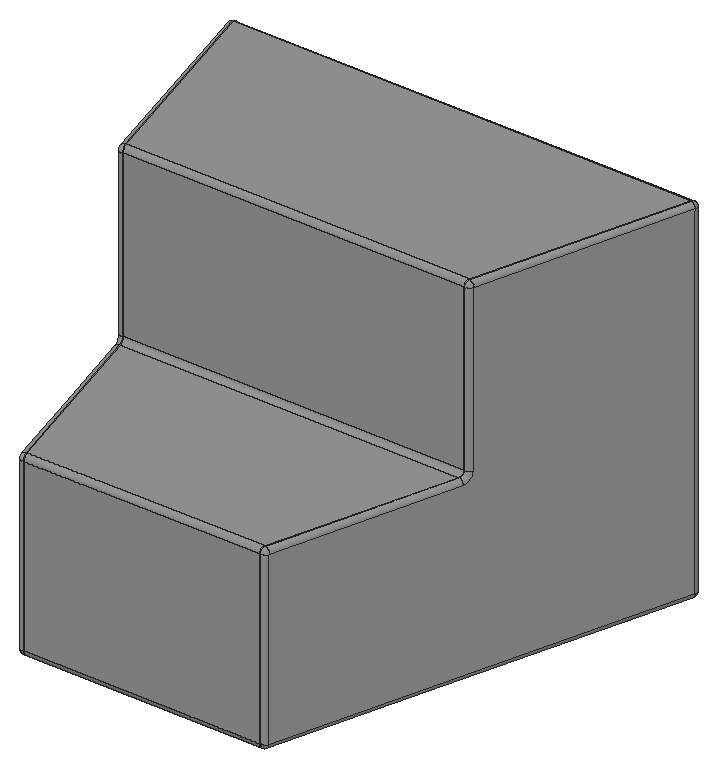
Revit family "TS1005 Elevate Tier Two Step Inside Wedge", category Generic Models, Revit 2018
Family settings
  Can host rebar = No
  Round Connector Dimension = Use Diameter
  Part Type = Normal
  Work Plane-Based = No
  Always vertical = Yes
  Cut with Voids When Loaded = No
  Shared = No
  Room Calculation Point = No
Parameters
  Fabric = TS1005 Elevate Two Tier Inside Wedge Fabric
Reference planes (in)
  plane 1 "Center (Front/Back)": y = 0
  plane 2: z = 0
  plane 3 "Center (Left/Right)": x = 0
Forms (in)
  Extrusion 1, solid, material "TS1005 Elevate Two Tier Inside Wedge Fabric" <- "Fabric"
    sketch origin (0, 0, 0) x (0, 1, 0) y (0, 0, 1)
      loop
        arc (-0.49975, 18.09) -> (-0.6462, 17.73645) -> (-0.99975, 17.59) r 0.5
        line (-0.99975, 17.59) -> (-18.48008, 17.59)
        arc (-18.48008, 17.59) -> (-18.84747, 17.43782) -> (-18.99965, 17.07044) r 0.51956
        line (-18.99965, 17.07044) -> (-18.99965, 0.51994)
        arc (-18.99965, 0.51994) -> (-18.84736, 0.15229) -> (-18.47971, 0) r 0.51994
        line (-18.47971, 0) -> (19.97981, 0)
        arc (19.97981, 0) -> (20.34782, 0.15243) -> (20.50025, 0.52044) r 0.52044
        line (20.50025, 0.52044) -> (20.50025, 34.06864)
        arc (20.50025, 34.06864) -> (20.34755, 34.4373) -> (19.97889, 34.59) r 0.52136
        line (19.97889, 34.59) -> (0.01984, 34.59)
        arc (0.01984, 34.59) -> (-0.34756, 34.43781) -> (-0.49975, 34.07041) r 0.51959
        line (-0.49975, 34.07041) -> (-0.49975, 18.09)
    from -22.72232 to 28.61822
  Extrusion 2, void
    sketch origin (0, 0, 0) x (-1, 0, 0) y (0, -1, 0)
      loop
        line (-22.71375, -21.33649) -> (-10.51721, 22.50003) -> (-35.48101, 22.50003) -> (-35.48101, -21.33649) -> (-22.71375, -21.33649)
    from 0 to 39.78548
  Sweep 3, solid, material "TS1005 Elevate Two Tier Inside Wedge Fabric" <- "Fabric"
    path origin (-0.35517, 5.57526, 0) x (0.268046, 0.963406, 0) y (0, 0, -1)
      loop
        line (20, -34.06864) -> (20, -0.52044)
        arc (20, -0.52044) -> (19.99401, -0.50599) -> (19.97956, -0.5) r 0.02044
        line (19.97956, -0.5) -> (-19.98006, -0.5)
        arc (-19.98006, -0.5) -> (-19.99416, -0.50584) -> (-20, -0.51994) r 0.01994
        line (-20, -0.51994) -> (-20, -17.07044)
        arc (-20, -17.07044) -> (-19.99427, -17.08427) -> (-19.98044, -17.09) r 0.01956
        line (-19.98044, -17.09) -> (-1.7965, -17.09)
        arc (-1.7965, -17.09) -> (-1.08939, -17.38289) -> (-0.7965, -18.09) r 1
        line (-0.7965, -18.09) -> (-0.7965, -34.07041)
        arc (-0.7965, -34.07041) -> (-0.79076, -34.08426) -> (-0.7769, -34.09) r 0.01959
        line (-0.7769, -34.09) -> (19.97864, -34.09)
        arc (19.97864, -34.09) -> (19.99374, -34.08374) -> (20, -34.06864) r 0.02136
    profile origin (5.00575, 24.84338, 17.29454) x (-0.963406, 0.268046, 0) y (-0.268046, -0.963406, 0)
      loop
        line (-18, 0) -> (-18.5, 0)
        arc (-18.5, 0) -> (-18.35355, -0.35355) -> (-18, -0.5) r 0.5
        line (-18, -0.5) -> (-18, 0)
  Extrusion 4, solid, material "TS1005 Elevate Two Tier Inside Wedge Fabric" <- "Fabric"
    sketch origin (-0.34991, 5.59423, 0) x (0.268046, 0.963406, 0) y (0, 0, 1)
      loop
        line (19.95895, 34.09) -> (-0.79659, 34.09)
        arc (-0.79659, 34.09) -> (-0.81044, 34.08426) -> (-0.81618, 34.07041) r 0.01959
        line (-0.81618, 34.07041) -> (-0.81618, 18.09)
        arc (-0.81618, 18.09) -> (-1.10908, 17.38289) -> (-1.81618, 17.09) r 1
        line (-1.81618, 17.09) -> (-19.99975, 17.09)
        arc (-19.99975, 17.09) -> (-20.01358, 17.08427) -> (-20.01931, 17.07044) r 0.01956
        line (-20.01931, 17.07044) -> (-20.01931, 0.51994)
        arc (-20.01931, 0.51994) -> (-20.01347, 0.50584) -> (-19.99938, 0.5) r 0.01994
        line (-19.99938, 0.5) -> (19.95987, 0.5)
        arc (19.95987, 0.5) -> (19.97433, 0.50599) -> (19.98031, 0.52044) r 0.02044
        line (19.98031, 0.52044) -> (19.98031, 34.06864)
        arc (19.98031, 34.06864) -> (19.97406, 34.08374) -> (19.95895, 34.09) r 0.02136
    from 18.00001 to 18.5
  Extrusion 5, void
    sketch origin (0, 0, 0) x (1, 0, 0) y (0, 1, 0)
      loop
        line (-22.71375, 21.33649) -> (-35.48101, 21.33649) -> (-35.48101, -22.50003) -> (-10.51721, -22.50003) -> (-22.71375, 21.33649)
    from 0 to 39.78548
  Sweep 6, solid, material "TS1005 Elevate Two Tier Inside Wedge Fabric" <- "Fabric"
    path origin (0.35517, 5.57526, 0) x (-0.268046, 0.963406, 0) y (0, 0, 1)
      loop
        arc (20, 34.06864) -> (19.99374, 34.08374) -> (19.97864, 34.09) r 0.02136
        line (19.97864, 34.09) -> (-0.7769, 34.09)
        arc (-0.7769, 34.09) -> (-0.79076, 34.08426) -> (-0.7965, 34.07041) r 0.01959
        line (-0.7965, 34.07041) -> (-0.7965, 18.09)
        arc (-0.7965, 18.09) -> (-1.08939, 17.38289) -> (-1.7965, 17.09) r 1
        line (-1.7965, 17.09) -> (-19.98044, 17.09)
        arc (-19.98044, 17.09) -> (-19.99427, 17.08427) -> (-20, 17.07044) r 0.01956
        line (-20, 17.07044) -> (-20, 0.51994)
        arc (-20, 0.51994) -> (-19.99416, 0.50584) -> (-19.98006, 0.5) r 0.01994
        line (-19.98006, 0.5) -> (19.97956, 0.5)
        arc (19.97956, 0.5) -> (19.99401, 0.50599) -> (20, 0.52044) r 0.02044
        line (20, 0.52044) -> (20, 34.06864)
    profile origin (-5.00575, 24.84338, 17.29454) x (0.963406, 0.268046, 0) y (-0.268046, 0.963406, 0)
      loop
        line (-18, 0) -> (-18, 0.5)
        arc (-18, 0.5) -> (-18.35355, 0.35355) -> (-18.5, 0) r 0.5
        line (-18.5, 0) -> (-18, 0)
  Extrusion 7, solid, material "TS1005 Elevate Two Tier Inside Wedge Fabric" <- "Fabric"
    sketch origin (0.34991, 5.59423, 0) x (-0.268046, 0.963406, 0) y (0, 0, -1)
      loop
        arc (19.95895, -34.09) -> (19.97406, -34.08374) -> (19.98031, -34.06864) r 0.02136
        line (19.98031, -34.06864) -> (19.98031, -0.52044)
        arc (19.98031, -0.52044) -> (19.97433, -0.50599) -> (19.95987, -0.5) r 0.02044
        line (19.95987, -0.5) -> (-19.99938, -0.5)
        arc (-19.99938, -0.5) -> (-20.01347, -0.50584) -> (-20.01931, -0.51994) r 0.01994
        line (-20.01931, -0.51994) -> (-20.01931, -17.07044)
        arc (-20.01931, -17.07044) -> (-20.01358, -17.08427) -> (-19.99975, -17.09) r 0.01956
        line (-19.99975, -17.09) -> (-1.81618, -17.09)
        arc (-1.81618, -17.09) -> (-1.10908, -17.38289) -> (-0.81618, -18.09) r 1
        line (-0.81618, -18.09) -> (-0.81618, -34.07041)
        arc (-0.81618, -34.07041) -> (-0.81044, -34.08426) -> (-0.79659, -34.09) r 0.01959
        line (-0.79659, -34.09) -> (19.95895, -34.09)
    from 18.00001 to 18.5
Cuts and joins
  Extrusion 2, Extrusion 5 cuts Extrusion 1
  Extrusion 5 cuts Sweep 3
  Extrusion 5 cuts Extrusion 4
Dimensions and locks (in)
  aligned and locked: plane 2 to level
